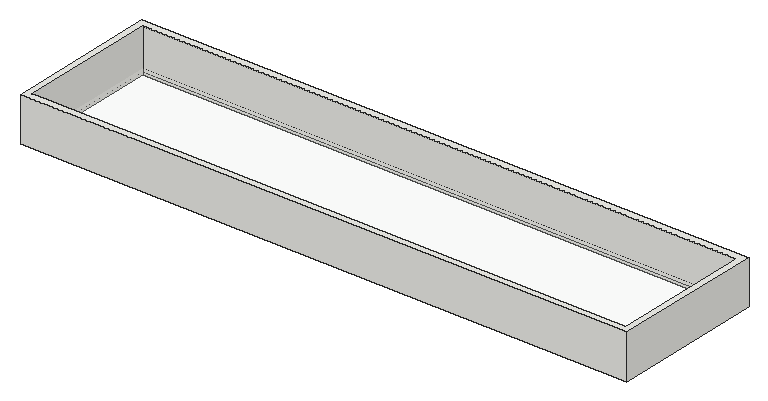
Revit family "d0a3b3a0d2cf4593b9e7615ae52c64b6", category Lighting Fixtures, host Ceiling, Revit 2021
Family settings
  Host = Ceiling
  Round Connector Dimension = Use Diameter
  Part Type = Normal
  OmniClass Number = 23.80.70.11.11
  OmniClass Title = General Luminaries, Non Directional
  Seek Item ID = Ceiling Light - Linear Box-0000-USA-ENU
  Always vertical = No
  Cut with Voids When Loaded = No
  Light Source = Yes
  Shared = No
  Room Calculation Point = No
Parameters (values of type "1'x4'(1 Lamp) - 120V")
  Wattage = 40 W
  built-in parameter 1150110 = 1 (stored number, unit not read)
  built-in parameter 1114217 = 0.88 (stored number, unit not read)
  built-in parameter 1150109 = 1 (stored number, unit not read)
  built-in parameter 1150134 = 8
  built-in parameter 1150113 = 1 (stored number, unit not read)
  built-in parameter 1150115 = 1 (stored number, unit not read)
  built-in parameter 1150105 = 1002.7 (stored number, unit not read)
  Load Classification = Lighting - Dwelling Unit
  Light Source Symbol Size = 2' - 0"
  built-in parameter 1150137 = 1
  built-in parameter 1150139 = (empty or 0)
  built-in parameter 1150112 = 1 (stored number, unit not read)
  built-in parameter 1150114 = 1 (stored number, unit not read)
  built-in parameter 1150132 = (empty or 0)
  built-in parameter 1150102 = (empty or 0)
  built-in parameter 1150138 = (empty or 0)
  built-in parameter 1150107 = 4230 (stored number, unit not read)
  built-in parameter 1150106 = 10.027 (stored number, unit not read)
  Emit from Rectangle Width = Box Width - 0' 1"  # 0' - 11"
  Emit from Rectangle Length = Box Length - 0' 1"  # 3' - 11"
  Emit Shape Visible in Rendering = no
  built-in parameter 1150104 = 7.3161 (stored number, unit not read)
  Dimming Lamp Color Temperature Shift = <None>
  Default Elevation = 0' - 0"
  Color Filter = 16777215
  Ballast Voltage = 120 V
  Ballast Number of Poles = 1
  built-in parameter 1114218 = 0.88 (stored number, unit not read)
  built-in parameter 1150133 = 10 (stored number, unit not read)
  Assembly Code = "D5020210"
  Diffuser Material = Glass, White, High Luminance
  Lamp = "T-12"
  Box Length = 4' - 0"
  Light Box Material = Steel, Paint Finish, Ivory, Glossy
  Lumens = 3150 lm
  Box Width = 1' - 0"
  Apparent Load = 40 VA
Types (8): name | Wattage | built-in parameter 1150105 | built-in parameter 1150106 | Emit from Rectangle Width | Emit from Rectangle Length | built-in parameter 1150104 | Ballast Voltage | Box Length | Lumens | Box Width | Apparent Load
  1'x4'(1 Lamp) - 120V | 40 W | 1002.7 (stored number, unit not read) | 10.027 (stored number, unit not read) | 0' - 11" | 3' - 11" | 7.3161 (stored number, unit not read) | 120 V | 4' - 0" | 3150 lm | 1' - 0" | 40 VA
  1'x4'(1 Lamp) - 277V | 40 W | 1002.7 (stored number, unit not read) | 10.027 (stored number, unit not read) | 0' - 11" | 3' - 11" | 7.3161 (stored number, unit not read) | 277 V | 4' - 0" | 3150 lm | 1' - 0" | 40 VA
  1'x4'(2 Lamp) - 120V | 80 W | 2005.4 (stored number, unit not read) | 20.054 (stored number, unit not read) | 0' - 11" | 3' - 11" | 7.3161 (stored number, unit not read) | 120 V | 4' - 0" | 6300 lm | 1' - 0" | 80 VA
  1'x4'(2 Lamp) - 277V | 80 W | 2005.4 (stored number, unit not read) | 20.054 (stored number, unit not read) | 0' - 11" | 3' - 11" | 7.3161 (stored number, unit not read) | 120 V | 4' - 0" | 6300 lm | 1' - 0" | 80 VA
  2'x2'(2 Lamp) - 120V | 40 W | 827.61 (stored number, unit not read) | 8.2761 (stored number, unit not read) | 1' - 11" | 1' - 11" | 6.0387 (stored number, unit not read) | 120 V | 2' - 0" | 2600 lm | 2' - 0" | 40 VA
  2'x2'(2 Lamp) - 277V | 40 W | 827.61 (stored number, unit not read) | 8.2761 (stored number, unit not read) | 1' - 11" | 1' - 11" | 6.0387 (stored number, unit not read) | 120 V | 2' - 0" | 2600 lm | 2' - 0" | 40 VA
  2'x4'(2 Lamp) - 120V | 80 W | 1655.2 (stored number, unit not read) | 16.552 (stored number, unit not read) | 1' - 11" | 3' - 11" | 6.0387 (stored number, unit not read) | 120 V | 4' - 0" | 5200 lm | 2' - 0" | 80 VA
  2'x4'(2 Lamp) - 277V | 80 W | 1655.2 (stored number, unit not read) | 16.552 (stored number, unit not read) | 1' - 11" | 3' - 11" | 6.0387 (stored number, unit not read) | 277 V | 4' - 0" | 5200 lm | 2' - 0" | 80 VA
Reference planes (in)
  plane 1 "Light Source Axis": y = 0
  plane 2 "Ceiling": z = 96
  plane 3 "Light Source Axis": x = 0
  plane 4 "Light Source Elevation": z = 94
  plane 5: x = -24
  plane 6: x = 24
  plane 7: y = 6
  plane 8: y = -6
  plane 9: z = 92.5
  plane 10: z = 92.75
  plane 11: z = 93
Forms (in)
  Extrusion 1, solid, material "Steel, Paint Finish, Ivory, Glossy" <- "Light Box Material"
    sketch origin (0, 0, 96) x (1, 0, 0) y (0, 1, 0)
      loop
        line (-24, 6) -> (-24, -6) -> (24, -6) -> (24, 6) -> (-24, 6)
      loop
        line (-23.5, 5.5) -> (-23.5, -5.5) -> (23.5, -5.5) -> (23.5, 5.5) -> (-23.5, 5.5)
    from 0 to -3.5
  Extrusion 2, solid, material "Glass, White, High Luminance" <- "Diffuser Material"
    sketch origin (0, 0, 96) x (1, 0, 0) y (0, 1, 0)
      loop
        line (-23.5, 5.5) -> (-23.5, -5.5) -> (23.5, -5.5) -> (23.5, 5.5) -> (-23.5, 5.5)
    from -3.25 to -3
Lines and regions (in)
  symbolic lines
    curve 1: line (-24, 6, 96) -> (24, 6, 96)
    curve 2: line (-24, -6, 96) -> (-24, 6, 96)
    curve 3: line (24, -6, 96) -> (-24, -6, 96)
    curve 4: line (24, 6, 96) -> (24, -6, 96)
Dimensions and locks (in)
  equal spacing: host sketch curve, plane 3 "Light Source Axis", host sketch curve
  equal spacing: host sketch curve, plane 1 "Light Source Axis", host sketch curve
  host sketch curve to host sketch curve = 10' - 0"  (x2)
  "Box Length": plane 5 to plane 6
  equal spacing: plane 8, plane 1 "Light Source Axis", plane 7
  "Box Width": plane 8 to plane 7
  equal spacing: plane 5, plane 3 "Light Source Axis", plane 6
  locked: plane 2 "Ceiling" to plane 9 at 3.5
  plane 11 to plane 10 to plane 9 = 0' - 0 1/4" locked, 0' - 0 1/4" locked
  aligned and locked: plane 2 "Ceiling" to Extrusion 1
  aligned and locked: plane 10 to Extrusion 2
  aligned and locked: Extrusion 2 to plane 11
  aligned and locked: plane 3 "Light Source Axis" to imposter light
  aligned and locked: plane 1 "Light Source Axis" to imposter light
  aligned and locked: plane 4 "Light Source Elevation" to imposter light
Automatic sketch dimensions
  Extrusion 1 sketch curve to plane 5 = 0' - 0"
  Extrusion 1 sketch curve to plane 6 = 0' - 0"
  Extrusion 1 sketch curve to plane 8 = 0' - 0"
  Extrusion 1 sketch curve to plane 7 = 0' - 0"
  Extrusion 1 sketch curve to plane 5 = 0' - 0 1/2"
  plane 6 to Extrusion 1 sketch curve = 0' - 0 1/2"
  Extrusion 1 sketch curve to Extrusion 1 sketch curve = 0' - 0 1/2"  (x2)
  curve 2 to plane 5 = 0' - 0"
  curve 1 to plane 6 = 0' - 0"
  curve 4 to plane 8 = 0' - 0"
  curve 1 to plane 7 = 0' - 0"
  Extrusion 2 sketch curve to plane 5 = 0' - 0 1/2"
  plane 6 to Extrusion 2 sketch curve = 0' - 0 1/2"
  Extrusion 2 sketch curve to plane 8 = 0' - 0 1/2"
  plane 7 to Extrusion 2 sketch curve = 0' - 0 1/2"
Connectors (in)
  electrical at (0, 0, 92.75), driven by "Apparent Load", driven by "Ballast Voltage", driven by "Ballast Number of Poles", driven by "Load Classification"
    settings: on Extrusion 2, index 1, voltage 120 V, apparent load 0 VA, apparent load phase1 40 VA, apparent load phase2 0 VA, apparent load phase3 0 VA, power factor 0.95, load classification "Lighting - Dwelling Unit", number of poles 1, system type 31, power factor state 1, is connector primary yes, connector utility no, sub classification motor no, connector description ""
